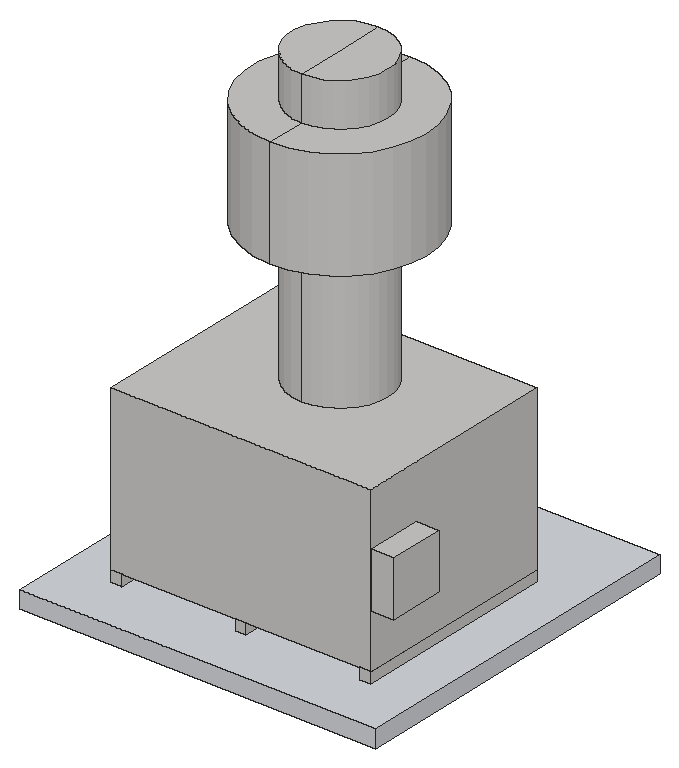
Revit family "DC_Rheem_PLM_Raypak_B2404HWT", category Plumbing Fixtures, host Face, Revit 2020
Family settings
  Host = Face
  Round Connector Dimension = Use Radius
  Part Type = Normal
  Cut with Voids When Loaded = No
  Shared = No
  Room Calculation Point = No
Parameters (values of type "Raypak - Gas Water Heater- Outdoor - 2530 MJ/h  Propane gas, On/Off gas control")
  Width_ANZRS = 1430 mm
  URL = "http://www.rheem.com.au/CommercialProducts"
  Type Comments = "Recovery 9638L/h @ 50°C rise\r\n"
  TopSmallDiameter_ANZRS = 660 mm
  TopH2_ANZRS = 750 mm
  TopH1_ANZRS = 300 mm
  TopBigDiameter_ANZRS = 1200 mm
  PRVDiameter_ANZRS = PRVRadius_ANZRS * 2  # 30 mm
  Model = "B2404PCO/HWT\r\n\r\n"
  Materials_ANZRS = Raypak - Grey Powder Coated Steel
  PRVRadius_ANZRS = 15 mm
  PRVDistance_ANZRS = 400 mm
  Manufacturer = "Raypak\r\n"
  Length_ANZRS = 1780 mm
  HotWaterPipeDistance_ANZRS = 235 mm
  HotWaterPipeRadius_ANZRS = 40 mm
  HotWaterPipeDiameter_ANZRS = HotWaterPipeRadius_ANZRS * 2  # 80 mm
  Height_ANZRS = 3210 mm
  GasPipeRadius_ANZRS = 20 mm
  GasPipeHeight_ANZRS = 600 mm
  GasPipeDistance_ANZRS = 210 mm
  GasPipeDiameter_ANZRS = GasPipeRadius_ANZRS * 2  # 40 mm
  EleBoxWidth_ANZRS = 160 mm
  EleBoxHeightFromBase_ANZRS = 450 mm
  EleBoxHeight_ANZRS = 380 mm
  DesignBy_ANZRS = "Design Content ©"
  Description = "Raypak - Gas Water Heater- Outdoor - 2530 MJ/h  Propane gas, On/Off gas control\r\n"
  Default Elevation = 0 mm
  ConnectionHeight_ANZRS = 910 mm
  ColdWaterPipeRadius_ANZRS = 40 mm
  ColdWaterPipeDistance_ANZRS = 567 mm
  ColdWaterPipeDiameter_ANZRS = ColdWaterPipeRadius_ANZRS * 2  # 80 mm
  BoxHeight_ANZRS = 1195 mm
  BaseWidth_ANZRS = 75 mm
  BaseHeight_ANZRS = 75 mm
  BaseDistance_ANZRS = 0 mm
  Author_ANZRS = "DM"
  Assembly Code = ""
Types (5, lengths in mm): name | URL | Type Comments | Model | GasPipeRadius_ANZRS | GasPipeDiameter_ANZRS | Description
  (no name) | "http://www.rheem.com.au/downloads/PDF/Raypak_Mechanical_Heating_Brochure_July_09.pdf\r\n" | "Recovery 9638L/h @ 50°C rise\r\n" | "B2404PCO/HWT\r\n\r\n" | 20 | 40 | "Raypak - Gas Water Heater- Outdoor - 2530 MJ/h  Propane gas, On/Off gas control\r\n"
  Raypak - Gas Water Heater- Outdoor - 2404 MJ/h  Natural gas, modulating gas control | "http://www.rheem.com.au/CommercialProducts" | "Recovery 9116L/h @ 50°C rise\r\n" | "B2404NCM/HWT\r\n" | 32.5 | 65 | "Raypak - Gas Water Heater- Outdoor - 2404 MJ/h  Natural gas, modulating gas control"
  Raypak - Gas Water Heater- Outdoor - 2404 MJ/h  Natural gas, On/Off gas control | "http://www.rheem.com.au/CommercialProducts" | "Recovery 9116L/h @ 50°C rise\r\n" | "B2404NCO/HWT\r\n" | 32.5 | 65 | "Raypak - Gas Water Heater- Outdoor - 2404 MJ/h  Natural gas, On/Off gas control\r\n"
  Raypak - Gas Water Heater- Outdoor - 2530 MJ/h  Propane gas, modulating gas control | "http://www.rheem.com.au/CommercialProducts" | "Recovery 9638L/h @ 50°C rise\r\n" | "B2404PCM/HWT\r\n" | 20 | 40 | "Raypak - Gas Water Heater- Outdoor - 2530 MJ/h  Propane gas, modulating gas control\r\n\r\n"
  Raypak - Gas Water Heater- Outdoor - 2530 MJ/h  Propane gas, On/Off gas control | "http://www.rheem.com.au/CommercialProducts" | "Recovery 9638L/h @ 50°C rise\r\n" | "B2404PCO/HWT\r\n\r\n" | 20 | 40 | "Raypak - Gas Water Heater- Outdoor - 2530 MJ/h  Propane gas, On/Off gas control\r\n"
Reference planes
  plane 1 "Center (Front/Back)": y = 0
  plane 2: z = 0
  plane 3 "Center (Left/Right)": x = 0
  plane 4: z = 75
  plane 5: x = -890
  plane 6: x = 890
  plane 7: x = 1050
  plane 8: z = 450
  plane 9: z = 1195
  plane 10: x = -890
  plane 11: x = 890
  plane 12: x = -815
  plane 13: x = 815
  plane 14: y = 580
  plane 15: y = -850
  plane 16: z = 3210
  plane 17: z = 2910
  plane 18: z = 2160
  plane 19: y = 330
  plane 20: y = -330
  plane 21: y = 600
  plane 22: y = -600
  plane 23: z = 910
  plane 24: y = 180
  plane 25: y = 345
  plane 26: y = -222
  plane 27: y = -640
  plane 28: z = 600
  plane 29: z = 830
  plane 30: x = -330
  plane 31: x = 330
  plane 32: x = -600
  plane 33: x = 600
  plane 34: x = -880
  plane 35: x = -1060
  plane 36: x = -960
  plane 37: x = -37.5
  plane 38: x = 37.5
  plane 39: y = -465
Forms (mm)
  Extrusion 1, solid
    sketch origin (0, 0, 0) x (1, 0, 0) y (0, 1, 0)
      loop
        line (-1219.2, 1219.2) -> (-1219.2, -1219.2) -> (1219.2, -1219.2) -> (1219.2, 1219.2) -> (-1219.2, 1219.2)
    from 0 to -120
  Extrusion 2, solid, material "Raypak - Grey Powder Coated Steel" <- "Materials_ANZRS"
    sketch origin (0, 0, 0) x (1, 0, 0) y (0, 0, 1)
      loop
        line (-890, 75) -> (-890, 0) -> (-815, 0) -> (-815, 75) -> (-890, 75)
      loop
        line (815, 75) -> (815, 0) -> (890, 0) -> (890, 75) -> (815, 75)
      loop
        line (-37.5, 75) -> (-37.5, 0) -> (37.5, 0) -> (37.5, 75) -> (-37.5, 75)
    from -580 to 850
  Extrusion 3, solid, material "Raypak - Grey Powder Coated Steel" <- "Materials_ANZRS"
    sketch origin (0, 0, 0) x (1, 0, 0) y (0, 1, 0)
      loop
        line (-890, 580) -> (-890, -850) -> (890, -850) -> (890, 580) -> (-890, 580)
    from 75 to 1195
  Revolve 4, solid, material "Raypak - Grey Powder Coated Steel" <- "Materials_ANZRS"
    sketch origin (0, 0, 0) x (0, 1, 0) y (0, 0, 1)
      loop
        line (0, 3210) -> (-330, 3210) -> (-330, 2910) -> (-600, 2910) -> (-600, 2160) -> (-330, 2160) -> (-330, 1195) -> (0, 1195) -> (0, 3210)
      axis (0, 3210) -> (0, 1195)
    angle from 0 to 360
  Extrusion 5, solid, material "Raypak - Grey Powder Coated Steel" <- "Materials_ANZRS"
    sketch origin (0, 0, 0) x (1, 0, 0) y (0, 0, 1)
      loop
        line (890, 830) -> (890, 450) -> (1050, 450) -> (1050, 830) -> (890, 830)
    from 465 to 850
  Extrusion 6, solid, material "Raypak - Grey Powder Coated Steel" <- "Materials_ANZRS"
    sketch origin (0, 0, 0) x (0, 1, 0) y (0, 0, 1)
      loop
        circle (345, 910) r 40
      loop
        circle (-222, 910) r 40
    from -1060 to -890
  Extrusion 7, solid, material "Raypak - Grey Powder Coated Steel" <- "Materials_ANZRS"
    sketch origin (0, 0, 0) x (0, 1, 0) y (0, 0, 1)
      loop
        circle (-640, 600) r 20
    from -960 to -890
  Extrusion 8, void
    sketch origin (0, 0, 0) x (0, 1, 0) y (0, 0, 1)
      loop
        circle (180, 910) r 15
    from -890 to -880
Cuts and joins
  Extrusion 8 cuts Extrusion 3
  joined: Extrusion 3, Extrusion 7
Lines and regions (mm)
  Masking region 1
    outline origin (0, 0, 0) x (1, 0, 0) y (0, 0, 1)
      loop
        line (330, 3210) -> (-330, 3210) -> (-330, 2910) -> (-600, 2910) -> (-600, 2160) -> (-330, 2160) -> (-330, 1195) -> (-890, 1195) -> (-890, 930) -> (-1060, 930) -> (-1060, 890) -> (-890, 890) -> (-890, 615) -> (-960, 615) -> (-960, 585) -> (-890, 585) -> (-890, 75) -> (-890, 0) -> (-815, 0) -> (-815, 75) -> (-37.5, 75) -> (-37.5, 0) -> (37.5, 0) -> (37.5, 75) -> (815, 75) -> (815, 0) -> (890, 0) -> (890, 75) -> (890, 450) -> (1050, 450) -> (1050, 830) -> (890, 830) -> (890, 1195) -> (330, 1195) -> (330, 2160) -> (600, 2160) -> (600, 2910) -> (330, 2910) -> (330, 3210)
  Masking region 2
    outline origin (0, 0, 0) x (0, 1, 0) y (0, 0, 1)
      loop
        line (330, 3210) -> (-330, 3210) -> (-330, 2910) -> (-600, 2910) -> (-600, 2160) -> (-330, 2160) -> (-330, 1195) -> (-850, 1195) -> (-850, 0) -> (580, 0) -> (580, 1195) -> (330, 1195) -> (330, 2160) -> (600, 2160) -> (600, 2910) -> (330, 2910) -> (330, 3210)
  Masking region 3
    outline origin (0, 0, 0) x (1, 0, 0) y (0, 1, 0)
      loop
        line (-890, 580) -> (-890, 385) -> (-1060, 385) -> (-1060, 305) -> (-890, 305) -> (-890, -182) -> (-1060, -182) -> (-1060, -262) -> (-890, -262) -> (-890, -620) -> (-960, -620) -> (-960, -660) -> (-890, -660) -> (-890, -850) -> (1050, -850) -> (1050, -465) -> (890, -465) -> (890, 580) -> (153.623, 580)
        arc (153.623, 580) -> (77.46, 594.979) -> (0, 600) r 600
        arc (0, 600) -> (-77.46, 594.979) -> (-153.623, 580) r 600
        line (-153.623, 580) -> (-890, 580)
  symbolic lines, style "Rheem Raypak", detail levels fine
    curve 1: line (-600, 0, 2910) -> (-600, 0, 2160)
    curve 2: line (-600, 0, 2160) -> (600, 0, 2160)
    curve 3: line (-330, 0, 2160) -> (-330, 0, 1195)
    curve 4: line (-330, 0, 3210) -> (-330, 0, 2910)
    curve 5: line (330, 0, 3210) -> (-330, 0, 3210)
    curve 6: line (330, 0, 2910) -> (330, 0, 3210)
    curve 7: line (600, 0, 2910) -> (-600, 0, 2910)
    curve 8: line (600, 0, 2160) -> (600, 0, 2910)
    curve 9: line (330, 0, 1195) -> (330, 0, 2160)
    curve 10: line (890, 0, 1195) -> (-890, 0, 1195)
    curve 11: line (890, 0, 75) -> (890, 0, 1195)
    curve 12: line (-890, 0, 1195) -> (-890, 0, 75)
    curve 13: line (-890, 0, 75) -> (890, 0, 75)
    curve 14: line (-815, 0, 0) -> (-815, 0, 75)
    curve 15: line (-890, 0, 0) -> (-815, 0, 0)
    curve 16: line (-890, 0, 75) -> (-890, 0, 0)
    curve 17: line (890, 0, 0) -> (890, 0, 75)
    curve 18: line (815, 0, 75) -> (815, 0, 0)
    curve 19: line (815, 0, 0) -> (890, 0, 0)
    curve 20: line (890, 0, 450) -> (1050, 0, 450)
    curve 21: line (1050, 0, 450) -> (1050, 0, 830)
    curve 22: line (1050, 0, 830) -> (890, 0, 830)
    curve 23: line (-960, 0, 585) -> (-890, 0, 585)
    curve 24: line (-960, 0, 615) -> (-960, 0, 585)
    curve 25: line (-890, 0, 615) -> (-960, 0, 615)
    curve 26: line (0, -600, 2910) -> (0, 600, 2910)
    curve 27: line (0, -600, 2160) -> (0, 600, 2160)
    curve 28: line (0, 600, 2160) -> (0, 600, 2910)
    curve 29: line (0, -600, 2910) -> (0, -600, 2160)
    curve 30: line (0, -330, 3210) -> (0, -330, 2910)
    curve 31: line (0, 330, 2910) -> (0, 330, 3210)
    curve 32: line (0, -330, 3210) -> (0, 330, 3210)
    curve 33: line (0, -330, 2160) -> (0, -330, 1195)
    curve 34: line (0, 330, 1195) -> (0, 330, 2160)
    curve 35: line (0, 580, 1195) -> (0, -850, 1195)
    curve 36: line (0, -850, 1195) -> (0, -850, 75)
    curve 37: line (0, 580, 75) -> (0, 580, 1195)
    curve 38: line (0, -850, 75) -> (0, 580, 75)
    curve 39: line (0, 580, 0) -> (0, 580, 75)
    curve 40: line (0, -850, 75) -> (0, -850, 0)
    curve 41: line (0, -850, 0) -> (0, 580, 0)
    curve 42: arc (0, -242, 910) -> (0, -222, 890) -> (0, -202, 910) r 20
    curve 43: arc (0, -202, 910) -> (0, -222, 930) -> (0, -242, 910) r 20
    curve 44: arc (0, -625, 600) -> (0, -640, 585) -> (0, -655, 600) r 15
    curve 45: arc (0, -655, 600) -> (0, -640, 615) -> (0, -625, 600) r 15
    curve 46: arc (0, 325, 910) -> (0, 345, 890) -> (0, 365, 910) r 20
    curve 47: arc (0, 365, 910) -> (0, 345, 930) -> (0, 325, 910) r 20
    curve 48: arc (0, 165, 910) -> (0, 180, 895) -> (0, 195, 910) r 15
    curve 49: arc (0, 195, 910) -> (0, 180, 925) -> (0, 165, 910) r 15
    curve 50: arc (0, -600, 0) -> (-600, 0, 0) -> (0, 600, 0) r 600
    curve 51: arc (0, 600, 0) -> (600, 0, 0) -> (0, -600, 0) r 600
    curve 52: arc (0, 330, 0) -> (330, 0, 0) -> (0, -330, 0) r 330
    curve 53: arc (0, -330, 0) -> (-330, 0, 0) -> (0, 330, 0) r 330
    curve 54: line (890, -850, 0) -> (890, 580, 0)
    curve 55: line (-890, -850, 0) -> (890, -850, 0)
    curve 56: line (-890, 580, 0) -> (-890, -850, 0)
    curve 57: line (1050, -850, 0) -> (1050, -465, 0)
    curve 58: line (890, -850, 0) -> (1050, -850, 0)
    curve 59: line (-960, -620, 0) -> (-960, -660, 0)
    curve 60: line (890, 580, 0) -> (153.623, 580, 0)
    curve 61: line (-960, -620, 0) -> (-890, -620, 0)
    curve 62: line (-960, -660, 0) -> (-890, -660, 0)
    curve 63: line (37.5, 0, 0) -> (37.5, 0, 75)
    curve 64: line (-890, 0, 75) -> (890, 0, 75)
    curve 65: line (-37.5, 0, 75) -> (-37.5, 0, 0)
    curve 66: line (-37.5, 0, 0) -> (37.5, 0, 0)
    curve 67: line (-153.623, 580, 0) -> (-890, 580, 0)
Dimensions and locks
  "BaseHeight_ANZRS": plane 4 to level
  equal spacing: plane 6, plane 3 "Center (Left/Right)", plane 5
  "Length_ANZRS": plane 5 to plane 6
  "EleBoxWidth_ANZRS": plane 6 to plane 7
  "EleBoxHeightFromBase_ANZRS": plane 8 to Extrusion 1
  "EleBoxHeight_ANZRS": plane 29 to plane 8
  "BaseDistance_ANZRS": plane 10 to plane 5
  "BaseDistance_ANZRS": plane 11 to plane 6
  "BaseWidth_ANZRS": plane 10 to plane 12
  "BaseWidth_ANZRS": plane 11 to plane 13
  plane 1 "Center (Front/Back)" to plane 15 = 850 mm
  "Width_ANZRS": plane 14 to plane 15
  "Height_ANZRS": plane 16 to Extrusion 1
  "TopSmallDiameter_ANZRS": plane 19 to plane 20
  equal spacing: plane 19, plane 1 "Center (Front/Back)", plane 20
  equal spacing: plane 21, plane 1 "Center (Front/Back)", plane 22
  "TopBigDiameter_ANZRS": plane 21 to plane 22
  "ConnectionHeight_ANZRS": plane 23 to Extrusion 1
  "BoxHeight_ANZRS": plane 9 to Extrusion 1
  "PRVDistance_ANZRS": plane 14 to plane 24
  "HotWaterPipeDistance_ANZRS": plane 14 to plane 25
  "ColdWaterPipeDistance_ANZRS": plane 25 to plane 26
  "GasPipeDistance_ANZRS": plane 27 to plane 15
  "GasPipeHeight_ANZRS": plane 28 to Extrusion 1
  "TopH1_ANZRS": plane 16 to plane 17
  "TopH2_ANZRS": plane 17 to plane 18
  equal spacing: plane 32, plane 3 "Center (Left/Right)", plane 33
  "TopSmallDiameter_ANZRS": plane 30 to plane 31
  equal spacing: plane 30, plane 3 "Center (Left/Right)", plane 31
  "TopBigDiameter_ANZRS": plane 32 to plane 33
  locked: plane 5 to plane 34 at 10
  plane 35 to plane 5 = 170 mm
  plane 35 to cut or joined group of Extrusion 3, Extrusion 7, Extrusion 8 = 170 mm
  plane 36 to cut or joined group of Extrusion 3, Extrusion 7, Extrusion 8 = 70 mm
  equal spacing: plane 37, plane 3 "Center (Left/Right)", plane 38
  "BaseWidth_ANZRS": plane 37 to plane 38
  locked: plane 36 to plane 34 at 80
  plane 35 to plane 34 = 180 mm
  equal spacing: Masking region 3 sketch curve, plane 25, Masking region 3 sketch curve
  "HotWaterPipeDiameter_ANZRS": Masking region 3 sketch curve to Masking region 3 sketch curve
  equal spacing: Masking region 3 sketch curve, plane 26, Masking region 3 sketch curve
  "ColdWaterPipeDiameter_ANZRS": Masking region 3 sketch curve to Masking region 3 sketch curve
  equal spacing: Masking region 3 sketch curve, plane 27, Masking region 3 sketch curve
  "GasPipeDiameter_ANZRS": Masking region 3 sketch curve to Masking region 3 sketch curve
  "ColdWaterPipeRadius_ANZRS": radius of Extrusion 6 sketch curve
  "HotWaterPipeRadius_ANZRS": radius of Extrusion 6 sketch curve
  "GasPipeRadius_ANZRS": radius of Extrusion 7 sketch curve
  "PRVRadius_ANZRS": radius of Extrusion 8 sketch curve
  aligned and locked: plane 2 to Extrusion 1
  aligned and locked: level to Extrusion 1
  aligned and locked: Extrusion 2 sketch curve to plane 4  (x2)
  aligned and locked: Extrusion 2 sketch curve to plane 10
  aligned and locked: level to Extrusion 2 sketch curve  (x2)
  aligned and locked: plane 12 to Extrusion 2 sketch curve
  aligned and locked: plane 13 to Extrusion 2 sketch curve
  aligned and locked: plane 11 to Extrusion 2 sketch curve
  aligned and locked: plane 14 to Extrusion 3 sketch curve
  aligned and locked: plane 15 to Extrusion 3 sketch curve
  aligned and locked: plane 6 to Extrusion 3 sketch curve
  aligned and locked: plane 9 to Extrusion 3
  aligned and locked: Extrusion 3 to plane 4
  aligned and locked: Extrusion 2 to plane 15
  aligned and locked: Extrusion 2 to plane 14
  aligned and locked: plane 16 to Revolve 4 sketch curve
  aligned and locked: Revolve 4 sketch curve to plane 20
  aligned and locked: Revolve 4 sketch curve to plane 22
  aligned and locked: plane 9 to Revolve 4 sketch curve
  aligned and locked: Revolve 4 sketch curve to plane 1 "Center (Front/Back)"
  aligned and locked: Extrusion 5 sketch curve to plane 29
  aligned and locked: Extrusion 5 sketch curve to plane 6
  aligned and locked: plane 8 to Extrusion 5 sketch curve
  aligned and locked: plane 7 to Extrusion 5 sketch curve
  aligned: Extrusion 2 to Extrusion 5
  aligned and locked: Extrusion 5 to Extrusion 2
  aligned and locked: plane 25 to Extrusion 6 sketch curve
  aligned and locked: plane 23 to Extrusion 6 sketch curve  (x2)
  aligned and locked: plane 26 to Extrusion 6 sketch curve
  aligned and locked: Extrusion 3 to plane 5
  aligned: Extrusion 6 to plane 5
  aligned: Extrusion 6 to plane 34
  aligned and locked: plane 28 to Extrusion 7 sketch curve
  aligned and locked: plane 27 to Extrusion 7 sketch curve
  aligned: plane 35 to Extrusion 7
  aligned: Extrusion 7 to plane 34
  aligned: plane 5 to Extrusion 7
  aligned and locked: Masking region 1 sketch curve to plane 31
  aligned and locked: Masking region 1 sketch curve to plane 30
  aligned and locked: Masking region 1 sketch curve to plane 16
  aligned and locked: Masking region 1 sketch curve to plane 17
  aligned and locked: Masking region 1 sketch curve to plane 18
  aligned and locked: plane 33 to Masking region 1 sketch curve
  aligned and locked: Masking region 1 sketch curve to plane 32
  aligned and locked: Masking region 1 sketch curve to plane 9
  aligned and locked: Masking region 1 sketch curve to plane 6
  aligned and locked: Masking region 1 sketch curve to plane 29
  aligned and locked: Masking region 1 sketch curve to plane 8
  aligned and locked: plane 7 to Masking region 1 sketch curve
  aligned and locked: cut or joined group of Extrusion 3, Extrusion 7, Extrusion 8 to Masking region 1 sketch curve
  aligned and locked: Masking region 1 sketch curve to plane 5
  aligned and locked: Extrusion 1 to Masking region 1 sketch curve  (x2)
  aligned and locked: plane 16 to Masking region 2 sketch curve
  aligned and locked: Masking region 2 sketch curve to plane 17
  aligned and locked: Masking region 2 sketch curve to plane 22
  aligned and locked: plane 21 to Masking region 2 sketch curve
  aligned and locked: plane 19 to Masking region 2 sketch curve
  aligned and locked: Masking region 2 sketch curve to plane 20
  aligned and locked: plane 9 to Masking region 2 sketch curve
  aligned and locked: Masking region 2 sketch curve to plane 15
  aligned and locked: plane 14 to Masking region 2 sketch curve
  aligned and locked: Extrusion 1 to Masking region 2 sketch curve
  aligned and locked: Masking region 2 sketch curve to plane 18
  aligned and locked: Masking region 1 sketch curve to plane 12
  aligned and locked: Masking region 1 sketch curve to plane 10
  aligned and locked: Masking region 1 sketch curve to plane 11
  aligned and locked: plane 13 to Masking region 1 sketch curve
  aligned and locked: Masking region 1 sketch curve to plane 4
  aligned and locked: curve 1 to Masking region 1
  aligned and locked: curve 2 to Masking region 1
  aligned and locked: curve 3 to Masking region 1
  aligned and locked: curve 4 to Masking region 1
  aligned and locked: curve 5 to Masking region 1
  aligned and locked: curve 6 to Masking region 1
  aligned and locked: curve 7 to Masking region 1
  aligned and locked: curve 8 to Masking region 1
  aligned and locked: curve 9 to Masking region 1
  aligned and locked: curve 10 to cut or joined group of Extrusion 3, Extrusion 7, Extrusion 8
  aligned and locked: curve 11 to cut or joined group of Extrusion 3, Extrusion 7, Extrusion 8
  aligned and locked: curve 12 to cut or joined group of Extrusion 3, Extrusion 7, Extrusion 8
  aligned and locked: curve 13 to cut or joined group of Extrusion 3, Extrusion 7, Extrusion 8
  aligned and locked: curve 14 to Extrusion 2
  aligned and locked: curve 15 to Extrusion 2
  aligned and locked: curve 16 to Extrusion 2
  aligned and locked: curve 17 to Extrusion 2
  aligned and locked: curve 18 to Extrusion 2
  aligned and locked: curve 19 to Extrusion 2
  aligned and locked: curve 20 to Extrusion 5
  aligned and locked: curve 21 to Extrusion 5
  aligned and locked: curve 22 to Extrusion 5
  aligned and locked: Masking region 1 to curve 23
  aligned: cut or joined group of Extrusion 3, Extrusion 7, Extrusion 8 to curve 24
  aligned and locked: curve 25 to Masking region 1
  aligned and locked: curve 26 to Revolve 4
  aligned and locked: curve 27 to Revolve 4
  aligned and locked: curve 28 to Masking region 2
  aligned and locked: curve 29 to Masking region 2
  aligned and locked: curve 30 to Masking region 2
  aligned and locked: curve 31 to Masking region 2
  aligned and locked: curve 32 to Revolve 4
  aligned and locked: curve 33 to Masking region 2
  aligned and locked: curve 34 to Masking region 2
  aligned and locked: curve 35 to cut or joined group of Extrusion 3, Extrusion 7, Extrusion 8
  aligned and locked: curve 36 to cut or joined group of Extrusion 3, Extrusion 7, Extrusion 8
  aligned and locked: curve 37 to cut or joined group of Extrusion 3, Extrusion 7, Extrusion 8
  aligned and locked: curve 38 to cut or joined group of Extrusion 3, Extrusion 7, Extrusion 8
  aligned and locked: curve 39 to Extrusion 2
  aligned and locked: curve 40 to Extrusion 2
  aligned and locked: curve 41 to Extrusion 2
  aligned and locked: curve 50 to Revolve 4
  aligned and locked: curve 51 to Revolve 4
  aligned and locked: curve 52 to Revolve 4
  aligned and locked: curve 53 to Revolve 4
  aligned and locked: curve 54 to cut or joined group of Extrusion 3, Extrusion 7, Extrusion 8
  aligned and locked: curve 55 to cut or joined group of Extrusion 3, Extrusion 7, Extrusion 8
  aligned and locked: curve 56 to cut or joined group of Extrusion 3, Extrusion 7, Extrusion 8
  aligned and locked: curve 57 to Extrusion 5
  aligned and locked: curve 58 to Extrusion 5
  aligned: cut or joined group of Extrusion 3, Extrusion 7, Extrusion 8 to curve 59
  aligned and locked: plane 35 to Extrusion 6
  aligned: plane 5 to Extrusion 6
  aligned: plane 36 to Extrusion 7
  aligned and locked: curve 63 to Extrusion 2
  aligned and locked: curve 64 to cut or joined group of Extrusion 3, Extrusion 7, Extrusion 8
  aligned and locked: curve 65 to Extrusion 2
  aligned and locked: curve 66 to Extrusion 2
  aligned and locked: Masking region 3 sketch curve to curve 67
  aligned and locked: Masking region 3 sketch curve to Extrusion 2
  aligned and locked: Masking region 3 sketch curve to Extrusion 5  (x2)
  aligned and locked: Masking region 3 sketch curve to Extrusion 6
  aligned and locked: cut or joined group of Extrusion 3, Extrusion 7, Extrusion 8 to Masking region 3 sketch curve
  aligned and locked: plane 36 to curve 24
  aligned and locked: Extrusion 6 to Masking region 1 sketch curve
  aligned and locked: plane 24 to Extrusion 8 sketch curve
  aligned and locked: plane 23 to Extrusion 8 sketch curve
  aligned and locked: Extrusion 8 to plane 5
  aligned: Extrusion 6 to Extrusion 8
  aligned and locked: Masking region 3 sketch curve to Revolve 4  (x2)
  aligned and locked: Extrusion 7 to curve 61
  aligned and locked: cut or joined group of Extrusion 3, Extrusion 7, Extrusion 8 to plane 10
  aligned and locked: Extrusion 8 to plane 34
  aligned and locked: Extrusion 6 to plane 10
  aligned and locked: plane 39 to Masking region 3 sketch curve
  aligned and locked: Masking region 3 sketch curve to plane 11
  aligned and locked: Extrusion 5 to curve 57
  aligned and locked: curve 61 to Masking region 3
  aligned and locked: curve 62 to Masking region 3
Automatic sketch dimensions
  Extrusion 1 sketch curve to Extrusion 1 sketch curve = 2438.4 mm  (x2)
  Revolve 4 sketch curve to plane 1 "Center (Front/Back)" = 0 mm
  Revolve 4 sketch curve to plane 16 = 51.193 mm
  Revolve 4 sketch curve to level = 2207.352 mm
  Revolve 4 sketch curve to plane 18 = 0 mm
  Revolve 4 sketch curve to plane 20 = 0 mm
  Revolve 4 sketch curve to plane 17 = 0 mm
  Extrusion 3 sketch curve to plane 5 = 0 mm
  Masking region 2 sketch curve to plane 19 = 0 mm
  Masking region 2 sketch curve to plane 17 = 0 mm
  Masking region 2 sketch curve to plane 20 = 0 mm
  Masking region 2 sketch curve to plane 18 = 0 mm
  Masking region 2 sketch curve to plane 9 = 0 mm
  curve 3 to plane 9 = 0 mm
  curve 4 to plane 16 = 0 mm
  curve 5 to plane 31 = 0 mm
  curve 7 to plane 33 = 0 mm
  curve 8 to plane 18 = 0 mm
  curve 10 to plane 5 = 0 mm
  plane 6 to curve 10 = 0 mm
  curve 11 to plane 4 = 0 mm
  curve 14 to level = 0 mm
  plane 12 to curve 14 = 0 mm
  plane 10 to curve 15 = 0 mm
  curve 17 to level = 0 mm
  plane 11 to curve 17 = 0 mm
  curve 18 to plane 13 = 0 mm
  plane 7 to curve 20 = 0 mm
  curve 20 to plane 8 = 0 mm
  curve 21 to plane 29 = 0 mm
  curve 23 to plane 28 = 15 mm
  plane 28 to curve 24 = 15 mm
  curve 9 to plane 31 = 0 mm
  plane 30 to curve 3 = 0 mm
  plane 32 to curve 1 = 0 mm
  plane 30 to curve 4 = 0 mm
  curve 1 to plane 17 = 0 mm
  curve 27 to plane 18 = 0 mm
  curve 27 to plane 22 = 0 mm
  curve 26 to plane 17 = 0 mm
  curve 27 to plane 21 = 0 mm
  curve 30 to plane 20 = 0 mm
  curve 31 to plane 19 = 0 mm
  curve 31 to plane 16 = 0 mm
  curve 33 to plane 20 = 0 mm
  curve 33 to plane 9 = 0 mm
  curve 34 to plane 19 = 0 mm
  curve 35 to plane 15 = 0 mm
  curve 35 to plane 14 = 0 mm
  curve 37 to plane 4 = 0 mm
  curve 40 to level = 0 mm
  curve 42 to plane 23 = 0 mm
  curve 43 to plane 26 = 0 mm
  plane 26 to curve 42 = 20 mm
  curve 45 to plane 28 = 0 mm
  curve 44 to plane 27 = 0 mm
  curve 45 to curve 44 = 15 mm
  curve 46 to plane 23 = 0 mm
  curve 47 to plane 25 = 0 mm
  curve 46 to curve 46 = 20 mm
  curve 48 to curve 49 = 0 mm  (x2)
  curve 48 to plane 23 = 0 mm
  curve 49 to plane 24 = 0 mm
  plane 24 to curve 48 = 15 mm
  Extrusion 2 sketch curve to plane 4 = 0 mm
  plane 37 to Extrusion 2 sketch curve = 0 mm
  Extrusion 2 sketch curve to level = 0 mm
  Extrusion 2 sketch curve to plane 38 = 0 mm
  curve 63 to plane 38 = 0 mm
  curve 63 to level = 0 mm
  plane 37 to curve 65 = 0 mm
  Masking region 1 sketch curve to plane 5 = 0 mm  (x2)
  Masking region 1 sketch curve to plane 30 = 0 mm
  plane 37 to Masking region 1 sketch curve = 0 mm
  Masking region 1 sketch curve to plane 4 = 0 mm  (x5)
  Masking region 1 sketch curve to plane 38 = 0 mm
  Masking region 1 sketch curve to plane 18 = 0 mm
  Masking region 1 sketch curve to plane 31 = 0 mm
  plane 6 to Masking region 1 sketch curve = 0 mm
  Masking region 1 sketch curve to level = 0 mm
  plane 23 to Masking region 1 sketch curve = 20 mm
  Masking region 1 sketch curve to plane 9 = 0 mm
  Masking region 1 sketch curve to plane 17 = 0 mm
  Masking region 1 sketch curve to plane 28 = 15 mm
  plane 28 to Masking region 1 sketch curve = 15 mm
  Masking region 1 sketch curve to plane 23 = 20 mm
  plane 36 to curve 24 = 0 mm
  curve 61 to plane 5 = 0 mm
  plane 14 to curve 67 = 0 mm
  plane 14 to curve 60 = 0 mm
  curve 60 to plane 6 = 0 mm
  curve 57 to plane 7 = 0 mm
  curve 55 to plane 15 = 0 mm
  curve 57 to plane 39 = 0 mm
  plane 27 to curve 62 = 20 mm
  curve 61 to plane 27 = 20 mm
  Masking region 3 sketch curve to plane 35 = 0 mm
  Masking region 3 sketch curve to plane 5 = 0 mm  (x3)
  plane 14 to Masking region 3 sketch curve = 0 mm
Connectors
  piping at (-960, -640, 600), diameter 40, driven by "GasPipeRadius_ANZRS"
    settings: on cut or joined group of Extrusion 3, Extrusion 7, Extrusion 8, index 4, connector inside diameter 1.5748", connector length 0 mm, flow factor 0, pipe flow 0 GPM, pressure drop 0.00 psi, fitting loss kfactor 0, connector angle 0.00°, fixture units 0, engagement length 0 mm, angle of deflection 0.00°, flow configuration 1, flow direction 1, fitting loss method 0, system type 22, joint type 0, gender type 0, connector reference index -1, connector utility 0, adjustable connector no, is connector primary yes, connector description "Gas"
  piping at (-1060, 345, 910), diameter 80, driven by "HotWaterPipeRadius_ANZRS"
    settings: on Extrusion 6, index 5, connector inside diameter 3.14961", connector length 0 mm, flow factor 0, pipe flow 0 GPM, pressure drop 0.00 psi, fitting loss kfactor 0, connector angle 0.00°, fixture units 0, engagement length 0 mm, angle of deflection 0.00°, flow configuration 1, flow direction 2, fitting loss method 0, system type 19, joint type 0, gender type 0, connector reference index -1, connector utility 0, adjustable connector no, is connector primary no, connector description ""
  piping at (-1060, -222, 910), diameter 80, driven by "ColdWaterPipeRadius_ANZRS"
    settings: on Extrusion 6, index 7, connector inside diameter 3.14961", connector length 0 mm, flow factor 0, pipe flow 0 GPM, pressure drop 0.00 psi, fitting loss kfactor 0, connector angle 0.00°, fixture units 0, engagement length 0 mm, angle of deflection 0.00°, flow configuration 1, flow direction 1, fitting loss method 0, system type 20, joint type 0, gender type 0, connector reference index -1, connector utility 0, adjustable connector no, is connector primary no, connector description ""
  piping at (-890, 180, 910), diameter 30, driven by "PRVRadius_ANZRS"
    settings: on cut or joined group of Extrusion 3, Extrusion 7, Extrusion 8, index 8, connector inside diameter 1.1811", connector length 0 mm, flow factor 0, pipe flow 0 GPM, pressure drop 0.00 psi, fitting loss kfactor 0, connector angle 0.00°, fixture units 0, engagement length 0 mm, angle of deflection 0.00°, flow configuration 1, flow direction 2, fitting loss method 0, system type 22, joint type 0, gender type 0, connector reference index -1, connector utility 0, adjustable connector no, is connector primary no, connector description "PRV"
